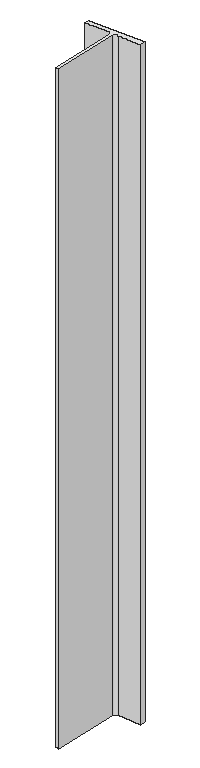
Revit family "M_WT Formas-Coluna", category Pilares estruturais, Revit 2019 (continued)
Types in the file's own list only (272): name | Largura | Espessura da teia | Concordância da teia | Constante da empena | Momento de inércia de torção | Chave do nome do corte | Área de corte | Eixo fraco do módulo plástico | Eixo forte do módulo plástico | Peso nominal | Eixo fraco do momento de inércia | Eixo forte do momento de inércia | Altura | Espessura do flange | Eixo fraco do módulo de elasticidade | Eixo forte do módulo de elasticidade | Centróide vertical | Centróide horizontal | Espaçamento do parafuso
  WT230X53 | 194.00 mm | 12.60 mm | 10.10 mm | 1060000000.0 mm6 | 724000.00 mm4 | WT9X35.5 | 6710.0 mm² | 202000.0 mm³ | 328000.0 mm³ | 53.00 kgf/m | 12500000.00 mm4 | 32500000.00 mm4 | 235.00 mm | 20.60 mm | 129000.0 mm³ | 184000.0 mm³ | 177.60 mm | 97.00 mm | 88.90 mm
  WT230X48.5 | 193.00 mm | 11.40 mm | 10.10 mm | 808000000.0 mm6 | 566000.00 mm4 | WT9X32.5 | 6160.0 mm² | 184000.0 mm³ | 295000.0 mm³ | 48.50 kgf/m | 11400000.00 mm4 | 29400000.00 mm4 | 233.00 mm | 19.10 mm | 118000.0 mm³ | 166000.0 mm³ | 177.10 mm | 96.50 mm | 88.90 mm
  WT230X44.5 | 192.00 mm | 10.50 mm | 10.20 mm | 631000000.0 mm6 | 450000.00 mm4 | WT9X30 | 5690.0 mm² | 169000.0 mm³ | 270000.0 mm³ | 44.50 kgf/m | 10400000.00 mm4 | 26900000.00 mm4 | 232.00 mm | 17.70 mm | 109000.0 mm³ | 152000.0 mm³ | 177.10 mm | 96.00 mm | 88.90 mm
  WT230X41 | 191.00 mm | 9.91 mm | 10.20 mm | 494000000.0 mm6 | 345000.00 mm4 | WT9X27.5 | 5230.0 mm² | 152000.0 mm³ | 251000.0 mm³ | 41.00 kgf/m | 9370000.00 mm4 | 24800000.00 mm4 | 230.00 mm | 16.00 mm | 97800.0 mm³ | 141000.0 mm³ | 175.10 mm | 95.50 mm | 88.90 mm
  WT230X37 | 191.00 mm | 9.02 mm | 10.20 mm | 365000000.0 mm6 | 258000.00 mm4 | WT9X25 | 4740.0 mm² | 136000.0 mm³ | 226000.0 mm³ | 37.00 kgf/m | 8320000.00 mm4 | 22300000.00 mm4 | 229.00 mm | 14.50 mm | 87700.0 mm³ | 128000.0 mm³ | 175.20 mm | 95.50 mm | 88.90 mm
  WT230X34 | 154.00 mm | 9.14 mm | 10.30 mm | 322000000.0 mm6 | 253000.00 mm4 | WT9X23 | 4370.0 mm² | 95700.0 mm³ | 228000.0 mm³ | 34.00 kgf/m | 4700000.00 mm4 | 21700000.00 mm4 | 229.00 mm | 15.40 mm | 60800.0 mm³ | 127000.0 mm³ | 169.80 mm | 77.00 mm | 88.90 mm
  WT230X30 | 153.00 mm | 8.00 mm | 10.20 mm | 212000000.0 mm6 | 168000.00 mm4 | WT9X20 | 3790.0 mm² | 81400.0 mm³ | 197000.0 mm³ | 30.00 kgf/m | 3980000.00 mm4 | 18600000.00 mm4 | 227.00 mm | 13.30 mm | 51900.0 mm³ | 110000.0 mm³ | 168.80 mm | 76.50 mm | 88.90 mm
  WT230X26 | 152.00 mm | 7.62 mm | 10.20 mm | 161000000.0 mm6 | 105000.00 mm4 | WT9X17.5 | 3320.0 mm² | 65900.0 mm³ | 184000.0 mm³ | 26.00 kgf/m | 3190000.00 mm4 | 16700000.00 mm4 | 225.00 mm | 10.80 mm | 42000.0 mm³ | 102000.0 mm³ | 164.30 mm | 76.00 mm | 88.90 mm
  WT205X74.5 | 264.00 mm | 14.90 mm | 10.30 mm | 2790000000.0 mm6 | 1600000.00 mm4 | WT8X50 | 9480.0 mm² | 449000.0 mm³ | 339000.0 mm³ | 74.50 kgf/m | 38800000.00 mm4 | 32000000.00 mm4 | 216.00 mm | 25.00 mm | 293000.0 mm³ | 187000.0 mm³ | 171.30 mm | 132.00 mm | 139.70 mm
  WT205X66 | 264.00 mm | 13.30 mm | 10.30 mm | 1930000000.0 mm6 | 1130000.00 mm4 | WT8X44.5 | 8450.0 mm² | 393000.0 mm³ | 297000.0 mm³ | 66.00 kgf/m | 33800000.00 mm4 | 28000000.00 mm4 | 213.00 mm | 22.20 mm | 257000.0 mm³ | 166000.0 mm³ | 169.80 mm | 132.00 mm | 139.70 mm
  WT205X57 | 262.00 mm | 11.60 mm | 10.20 mm | 1240000000.0 mm6 | 741000.00 mm4 | WT8X38.5 | 7290.0 mm² | 336000.0 mm³ | 251000.0 mm³ | 57.00 kgf/m | 28800000.00 mm4 | 23700000.00 mm4 | 210.00 mm | 19.30 mm | 220000.0 mm³ | 141000.0 mm³ | 168.60 mm | 131.00 mm | 139.70 mm
  WT205X50 | 259.00 mm | 10.00 mm | 10.30 mm | 808000000.0 mm6 | 495000.00 mm4 | WT8X33.5 | 6330.0 mm² | 290000.0 mm³ | 213000.0 mm³ | 50.00 kgf/m | 24800000.00 mm4 | 20200000.00 mm4 | 208.00 mm | 16.90 mm | 190000.0 mm³ | 121000.0 mm³ | 168.40 mm | 129.50 mm | 139.70 mm
  WT205X42.5 | 181.00 mm | 10.90 mm | 10.20 mm | 534000000.0 mm6 | 458000.00 mm4 | WT8X28.5 | 5410.0 mm² | 154000.0 mm³ | 226000.0 mm³ | 42.50 kgf/m | 8990000.00 mm4 | 20300000.00 mm4 | 209.00 mm | 18.20 mm | 99300.0 mm³ | 127000.0 mm³ | 159.70 mm | 90.50 mm | 88.90 mm
  WT205X37.5 | 180.00 mm | 9.65 mm | 10.20 mm | 360000000.0 mm6 | 316000.00 mm4 | WT8X25 | 4750.0 mm² | 134000.0 mm³ | 197000.0 mm³ | 37.50 kgf/m | 7740000.00 mm4 | 17600000.00 mm4 | 207.00 mm | 16.00 mm | 86200.0 mm³ | 111000.0 mm³ | 159.00 mm | 90.00 mm | 88.90 mm
  WT205X33.5 | 179.00 mm | 8.76 mm | 10.20 mm | 262000000.0 mm6 | 231000.00 mm4 | WT8X22.5 | 4280.0 mm² | 118000.0 mm³ | 177000.0 mm³ | 33.50 kgf/m | 6830000.00 mm4 | 15700000.00 mm4 | 205.00 mm | 14.40 mm | 76500.0 mm³ | 100000.0 mm³ | 157.80 mm | 89.50 mm | 88.90 mm
  WT205X30 | 178.00 mm | 7.75 mm | 10.20 mm | 181000000.0 mm6 | 165000.00 mm4 | WT8X20 | 3800.0 mm² | 104000.0 mm³ | 155000.0 mm³ | 30.00 kgf/m | 5990000.00 mm4 | 13800000.00 mm4 | 203.00 mm | 12.80 mm | 67500.0 mm³ | 87700.0 mm³ | 157.00 mm | 89.00 mm | 88.90 mm
  WT205X26.5 | 178.00 mm | 7.49 mm | 10.20 mm | 139000000.0 mm6 | 113000.00 mm4 | WT8X18 | 3410.0 mm² | 88800.0 mm³ | 146000.0 mm³ | 26.50 kgf/m | 5080000.00 mm4 | 12700000.00 mm4 | 201.00 mm | 10.90 mm | 57400.0 mm³ | 82800.0 mm³ | 153.20 mm | 89.00 mm | 88.90 mm
  WT205X23.05 | 140.00 mm | 6.99 mm | 10.20 mm | 98300000.0 mm6 | 95700.00 mm4 | WT8X15.5 | 2940.0 mm² | 57500.0 mm³ | 136000.0 mm³ | 23.10 kgf/m | 2580000.00 mm4 | 11400000.00 mm4 | 202.00 mm | 11.20 mm | 36700.0 mm³ | 76000.0 mm³ | 150.70 mm | 70.00 mm | 88.90 mm
  WT205X19.4 | 140.00 mm | 6.35 mm | 10.24 mm | 65300000.0 mm6 | 54100.00 mm4 | WT8X13 | 2480.0 mm² | 44700.0 mm³ | 121000.0 mm³ | 19.40 kgf/m | 1990000.00 mm4 | 9780000.00 mm4 | 199.00 mm | 8.76 mm | 28500.0 mm³ | 67000.0 mm³ | 145.90 mm | 70.00 mm | 88.90 mm
  WT180X543 | 455.00 mm | 78.00 mm | 15.00 mm | 1410000000000.0 mm6 | 297000000.00 mm4 | WT7X365 | 69000.0 mm² | 6690000.0 mm³ | 3460000.0 mm³ | 543.00 kgf/m | 982000000.00 mm4 | 308000000.00 mm4 | 284.00 mm | 125.00 mm | 4330000.0 mm³ | 1560000.0 mm³ | 195.90 mm | 227.50 mm | 190.50 mm
  WT180X495 | 450.00 mm | 71.90 mm | 15.00 mm | 1050000000000.0 mm6 | 231000000.00 mm4 | WT7X332.5 | 63100.0 mm² | 5980000.0 mm³ | 2980000.0 mm³ | 495.00 kgf/m | 866000000.00 mm4 | 259000000.00 mm4 | 274.00 mm | 115.00 mm | 3870000.0 mm³ | 1350000.0 mm³ | 191.40 mm | 225.00 mm | 190.50 mm
  WT180X450 | 442.00 mm | 66.00 mm | 15.00 mm | 787000000000.0 mm6 | 179000000.00 mm4 | WT7X302.5 | 57400.0 mm² | 5340000.0 mm³ | 2570000.0 mm³ | 450.00 kgf/m | 766000000.00 mm4 | 218000000.00 mm4 | 267.00 mm | 106.00 mm | 3460000.0 mm³ | 1160000.0 mm³ | 189.50 mm | 221.00 mm | 190.50 mm
  WT180X409 | 437.00 mm | 60.50 mm | 15.00 mm | 585000000000.0 mm6 | 138000000.00 mm4 | WT7X275 | 52200.0 mm² | 4790000.0 mm³ | 2230000.0 mm³ | 409.00 kgf/m | 678000000.00 mm4 | 184000000.00 mm4 | 257.00 mm | 97.00 mm | 3100000.0 mm³ | 998000.0 mm³ | 184.60 mm | 218.50 mm | 190.50 mm
  WT180X372 | 432.00 mm | 55.60 mm | 15.10 mm | 435000000000.0 mm6 | 106000000.00 mm4 | WT7X250 | 47400.0 mm² | 4280000.0 mm³ | 1920000.0 mm³ | 372.00 kgf/m | 599000000.00 mm4 | 156000000.00 mm4 | 249.00 mm | 88.90 mm | 2770000.0 mm³ | 864000.0 mm³ | 181.20 mm | 216.00 mm | 190.50 mm
  WT180X338.5 | 427.00 mm | 51.30 mm | 15.30 mm | 325000000000.0 mm6 | 81600000.00 mm4 | WT7X227.5 | 43200.0 mm² | 3830000.0 mm³ | 1670000.0 mm³ | 338.00 kgf/m | 533000000.00 mm4 | 134000000.00 mm4 | 242.00 mm | 81.50 mm | 2490000.0 mm³ | 752000.0 mm³ | 178.20 mm | 213.50 mm | 190.50 mm
  WT180X317 | 424.00 mm | 47.80 mm | 15.00 mm | 266000000000.0 mm6 | 68300000.00 mm4 | WT7X213 | 40500.0 mm² | 3560000.0 mm³ | 1500000.0 mm³ | 317.00 kgf/m | 491000000.00 mm4 | 119000000.00 mm4 | 237.00 mm | 77.20 mm | 2310000.0 mm³ | 678000.0 mm³ | 176.00 mm | 212.00 mm | 190.50 mm
  WT180X296 | 422.00 mm | 45.00 mm | 15.00 mm | 215000000000.0 mm6 | 56200000.00 mm4 | WT7X199 | 37700.0 mm² | 3290000.0 mm³ | 1360000.0 mm³ | 296.00 kgf/m | 454000000.00 mm4 | 107000000.00 mm4 | 232.00 mm | 72.40 mm | 2150000.0 mm³ | 616000.0 mm³ | 173.60 mm | 211.00 mm | 190.50 mm
  WT180X275.5 | 419.00 mm | 42.20 mm | 15.20 mm | 172000000000.0 mm6 | 45800000.00 mm4 | WT7X185 | 35100.0 mm² | 3030000.0 mm³ | 1220000.0 mm³ | 276.00 kgf/m | 414000000.00 mm4 | 95300000.00 mm4 | 228.00 mm | 67.60 mm | 1980000.0 mm³ | 556000.0 mm³ | 172.40 mm | 209.50 mm | 190.50 mm
  WT180X254.5 | 417.00 mm | 39.10 mm | 15.30 mm | 135000000000.0 mm6 | 36800000.00 mm4 | WT7X171 | 32500.0 mm² | 2770000.0 mm³ | 1080000.0 mm³ | 546.00 kgf/m | 376000000.00 mm4 | 84500000.00 mm4 | 223.00 mm | 62.70 mm | 1800000.0 mm³ | 498000.0 mm³ | 169.90 mm | 208.50 mm | 190.50 mm
  WT180X231.5 | 411.00 mm | 35.80 mm | 15.20 mm | 101000000000.0 mm6 | 28100000.00 mm4 | WT7X155.5 | 29500.0 mm² | 2490000.0 mm³ | 946000.0 mm³ | 232.00 kgf/m | 336000000.00 mm4 | 73300000.00 mm4 | 217.00 mm | 57.40 mm | 1630000.0 mm³ | 438000.0 mm³ | 167.00 mm | 205.50 mm | 190.50 mm
  WT180X210.5 | 409.00 mm | 32.80 mm | 15.20 mm | 75500000000.0 mm6 | 21600000.00 mm4 | WT7X141.5 | 26800.0 mm² | 2250000.0 mm³ | 826000.0 mm³ | 210.00 kgf/m | 301000000.00 mm4 | 63700000.00 mm4 | 213.00 mm | 52.60 mm | 1470000.0 mm³ | 385000.0 mm³ | 165.80 mm | 204.50 mm | 190.50 mm
  WT180X191 | 406.00 mm | 30.00 mm | 15.20 mm | 56100000000.0 mm6 | 16400000.00 mm4 | WT7X128.5 | 24400.0 mm² | 2020000.0 mm³ | 719000.0 mm³ | 191.00 kgf/m | 268000000.00 mm4 | 55400000.00 mm4 | 208.00 mm | 48.00 mm | 1320000.0 mm³ | 339000.0 mm³ | 163.50 mm | 203.00 mm | 190.50 mm
  WT180X173.5 | 404.00 mm | 27.20 mm | 15.20 mm | 41400000000.0 mm6 | 12300000.00 mm4 | WT7X116.5 | 22100.0 mm² | 1800000.0 mm³ | 626000.0 mm³ | 174.00 kgf/m | 240000000.00 mm4 | 48300000.00 mm4 | 204.00 mm | 43.70 mm | 1190000.0 mm³ | 298000.0 mm³ | 162.10 mm | 202.00 mm | 190.50 mm
  WT180X157 | 401.00 mm | 24.90 mm | 15.30 mm | 30300000000.0 mm6 | 9240000.00 mm4 | WT7X105.5 | 20000.0 mm² | 1620000.0 mm³ | 547000.0 mm³ | 157.00 kgf/m | 214000000.00 mm4 | 42500000.00 mm4 | 200.00 mm | 39.60 mm | 1070000.0 mm³ | 265000.0 mm³ | 160.10 mm | 200.50 mm | 190.50 mm
  WT180X143.5 | 399.00 mm | 22.60 mm | 15.20 mm | 23400000000.0 mm6 | 7200000.00 mm4 | WT7X96.5 | 18300.0 mm² | 1480000.0 mm³ | 482000.0 mm³ | 144.00 kgf/m | 194000000.00 mm4 | 37400000.00 mm4 | 197.00 mm | 36.60 mm | 972000.0 mm³ | 236000.0 mm³ | 159.20 mm | 199.50 mm | 190.50 mm
  WT180X131 | 399.00 mm | 21.10 mm | 15.20 mm | 17500000000.0 mm6 | 5490000.00 mm4 | WT7X88 | 16700.0 mm² | 1330000.0 mm³ | 431000.0 mm³ | 131.00 kgf/m | 174000000.00 mm4 | 33500000.00 mm4 | 193.00 mm | 33.30 mm | 877000.0 mm³ | 213000.0 mm³ | 156.70 mm | 199.50 mm | 190.50 mm
  WT180X118.5 | 396.00 mm | 18.90 mm | 15.30 mm | 12900000000.0 mm6 | 4100000.00 mm4 | WT7X79.5 | 15100.0 mm² | 1200000.0 mm³ | 374000.0 mm³ | 118.00 kgf/m | 156000000.00 mm4 | 29200000.00 mm4 | 190.00 mm | 30.20 mm | 788000.0 mm³ | 187000.0 mm³ | 155.70 mm | 198.00 mm | 190.50 mm
  WT180X108 | 394.00 mm | 17.30 mm | 15.20 mm | 9750000000.0 mm6 | 3150000.00 mm4 | WT7X72.5 | 13700.0 mm² | 1080000.0 mm³ | 331000.0 mm³ | 108.00 kgf/m | 141000000.00 mm4 | 26000000.00 mm4 | 188.00 mm | 27.70 mm | 716000.0 mm³ | 167000.0 mm³ | 155.20 mm | 197.00 mm | 190.50 mm
  WT180X98 | 373.00 mm | 16.40 mm | 15.20 mm | 7140000000.0 mm6 | 2550000.00 mm4 | WT7X66 | 12500.0 mm² | 926000.0 mm³ | 305000.0 mm³ | 98.00 kgf/m | 114000000.00 mm4 | 24100000.00 mm4 | 186.00 mm | 26.20 mm | 610000.0 mm³ | 157000.0 mm³ | 153.20 mm | 186.50 mm | 139.70 mm
  WT180X89.5 | 373.00 mm | 15.00 mm | 15.20 mm | 5370000000.0 mm6 | 1940000.00 mm4 | WT7X60 | 11400.0 mm² | 839000.0 mm³ | 270000.0 mm³ | 89.50 kgf/m | 103000000.00 mm4 | 21500000.00 mm4 | 184.00 mm | 23.90 mm | 552000.0 mm³ | 141000.0 mm³ | 152.50 mm | 186.50 mm | 139.70 mm
  WT180X81 | 371.00 mm | 13.30 mm | 15.30 mm | 4030000000.0 mm6 | 1480000.00 mm4 | WT7X54.5 | 10300.0 mm² | 759000.0 mm³ | 236000.0 mm³ | 81.00 kgf/m | 92800000.00 mm4 | 18900000.00 mm4 | 182.00 mm | 21.80 mm | 501000.0 mm³ | 124000.0 mm³ | 152.30 mm | 185.50 mm | 139.70 mm
  WT180X73.5 | 371.00 mm | 12.30 mm | 15.30 mm | 2980000000.0 mm6 | 1120000.00 mm4 | WT7X49.5 | 9420.0 mm² | 685000.0 mm³ | 211000.0 mm³ | 73.50 kgf/m | 83700000.00 mm4 | 17000000.00 mm4 | 180.00 mm | 19.80 mm | 452000.0 mm³ | 113000.0 mm³ | 151.00 mm | 185.50 mm | 139.70 mm
  WT180X67 | 368.00 mm | 11.20 mm | 15.30 mm | 2230000000.0 mm6 | 845000.00 mm4 | WT7X45 | 8520.0 mm² | 619000.0 mm³ | 188000.0 mm³ | 67.00 kgf/m | 75300000.00 mm4 | 15200000.00 mm4 | 178.00 mm | 18.00 mm | 410000.0 mm³ | 101000.0 mm³ | 150.30 mm | 184.00 mm | 139.70 mm
  WT180X61 | 257.00 mm | 13.00 mm | 15.10 mm | 1510000000.0 mm6 | 1050000.00 mm4 | WT7X41 | 7740.0 mm² | 367000.0 mm³ | 216000.0 mm³ | 61.00 kgf/m | 30800000.00 mm4 | 17100000.00 mm4 | 182.00 mm | 21.70 mm | 239000.0 mm³ | 117000.0 mm³ | 146.70 mm | 128.50 mm | 139.70 mm
  WT180X55 | 257.00 mm | 11.40 mm | 15.20 mm | 1130000000.0 mm6 | 803000.00 mm4 | WT7X37 | 7030.0 mm² | 331000.0 mm³ | 188000.0 mm³ | 55.00 kgf/m | 27800000.00 mm4 | 15000000.00 mm4 | 180.00 mm | 19.90 mm | 218000.0 mm³ | 102000.0 mm³ | 146.50 mm | 128.50 mm | 139.70 mm
  WT180X50.5 | 254.00 mm | 10.50 mm | 15.00 mm | 862000000.0 mm6 | 624000.00 mm4 | WT7X34 | 6450.0 mm² | 302000.0 mm³ | 170000.0 mm³ | 50.50 kgf/m | 25300000.00 mm4 | 13600000.00 mm4 | 178.00 mm | 18.30 mm | 198000.0 mm³ | 93200.0 mm³ | 145.20 mm | 127.00 mm | 139.70 mm
  WT180X45.5 | 254.00 mm | 9.53 mm | 15.10 mm | 615000000.0 mm6 | 454000.00 mm4 | WT7X30.5 | 5780.0 mm² | 269000.0 mm³ | 150000.0 mm³ | 45.50 kgf/m | 22400000.00 mm4 | 12000000.00 mm4 | 177.00 mm | 16.40 mm | 175000.0 mm³ | 83100.0 mm³ | 145.20 mm | 127.00 mm | 139.70 mm
  WT180X39.5 | 205.00 mm | 9.40 mm | 15.00 mm | 392000000.0 mm6 | 402000.00 mm4 | WT7X26.5 | 5030.0 mm² | 180000.0 mm³ | 145000.0 mm³ | 39.50 kgf/m | 12000000.00 mm4 | 11500000.00 mm4 | 177.00 mm | 16.80 mm | 117000.0 mm³ | 81000.0 mm³ | 141.90 mm | 102.50 mm | 139.70 mm
  WT180X36 | 204.00 mm | 8.64 mm | 15.10 mm | 287000000.0 mm6 | 301000.00 mm4 | WT7X24 | 4560.0 mm² | 161000.0 mm³ | 131000.0 mm³ | 36.00 kgf/m | 10700000.00 mm4 | 10400000.00 mm4 | 175.00 mm | 15.10 mm | 105000.0 mm³ | 73600.0 mm³ | 140.70 mm | 102.00 mm | 139.70 mm
  WT180X32 | 203.00 mm | 7.75 mm | 14.90 mm | 202000000.0 mm6 | 217000.00 mm4 | WT7X21.5 | 4070.0 mm² | 142000.0 mm³ | 116000.0 mm³ | 32.00 kgf/m | 9410000.00 mm4 | 9120000.00 mm4 | 173.00 mm | 13.50 mm | 92600.0 mm³ | 65200.0 mm³ | 139.70 mm | 101.50 mm | 139.70 mm
  WT180X28.9 | 172.00 mm | 7.87 mm | 10.10 mm | 149000000.0 mm6 | 166000.00 mm4 | WT7X19 | 3600.0 mm² | 99500.0 mm³ | 122000.0 mm³ | 28.90 kgf/m | 5540000.00 mm4 | 9700000.00 mm4 | 179.00 mm | 13.10 mm | 64600.0 mm³ | 69200.0 mm³ | 139.90 mm | 86.00 mm | 88.90 mm
  WT180X25.5 | 171.00 mm | 7.24 mm | 10.10 mm | 107000000.0 mm6 | 118000.00 mm4 | WT7X17 | 3230.0 mm² | 87200.0 mm³ | 110000.0 mm³ | 25.50 kgf/m | 4830000.00 mm4 | 8700000.00 mm4 | 178.00 mm | 11.60 mm | 56500.0 mm³ | 62800.0 mm³ | 139.10 mm | 85.50 mm | 88.90 mm
  WT180X22 | 171.00 mm | 6.86 mm | 10.12 mm | 77100000.0 mm6 | 79100.00 mm4 | WT7X15 | 2850.0 mm² | 73600.0 mm³ | 102000.0 mm³ | 22.00 kgf/m | 4070000.00 mm4 | 7910000.00 mm4 | 176.00 mm | 9.78 mm | 47700.0 mm³ | 58200.0 mm³ | 135.90 mm | 85.50 mm | 88.90 mm
  WT180X19.5 | 128.00 mm | 6.48 mm | 10.10 mm | 55600000.0 mm6 | 74500.00 mm4 | WT7X13 | 2480.0 mm² | 45200.0 mm³ | 96500.0 mm³ | 19.50 kgf/m | 1850000.00 mm4 | 7200000.00 mm4 | 177.00 mm | 10.70 mm | 29000.0 mm³ | 54200.0 mm³ | 133.30 mm | 64.00 mm | 69.85 mm
  WT180X16.45 | 127.00 mm | 5.84 mm | 10.19 mm | 36000000.0 mm6 | 43300.00 mm4 | WT7X11 | 2100.0 mm² | 35900.0 mm³ | 85200.0 mm³ | 16.50 kgf/m | 1460000.00 mm4 | 6160000.00 mm4 | 174.00 mm | 8.51 mm | 22900.0 mm³ | 47700.0 mm³ | 129.30 mm | 63.50 mm | 69.85 mm
  WT155X250 | 340.00 mm | 45.20 mm | 15.00 mm | 129000000000.0 mm6 | 49900000.00 mm4 | WT6X168 | 31900.0 mm² | 2250000.0 mm³ | 1120000.0 mm³ | 250.00 kgf/m | 247000000.00 mm4 | 79100000.00 mm4 | 214.00 mm | 75.20 mm | 1450000.0 mm³ | 511000.0 mm³ | 155.30 mm | 170.00 mm | 139.70 mm
  WT155X227 | 335.00 mm | 41.40 mm | 15.00 mm | 95600000000.0 mm6 | 38300000.00 mm4 | WT6X152.5 | 28800.0 mm² | 2000000.0 mm³ | 968000.0 mm³ | 227.00 kgf/m | 219000000.00 mm4 | 67400000.00 mm4 | 207.00 mm | 68.80 mm | 1300000.0 mm³ | 442000.0 mm³ | 152.10 mm | 167.50 mm | 139.70 mm
  WT155X207.5 | 333.00 mm | 38.90 mm | 15.30 mm | 71700000000.0 mm6 | 29500000.00 mm4 | WT6X139.5 | 26500.0 mm² | 1800000.0 mm³ | 850000.0 mm³ | 208.00 kgf/m | 195000000.00 mm4 | 58700000.00 mm4 | 201.00 mm | 62.70 mm | 1170000.0 mm³ | 395000.0 mm³ | 148.90 mm | 166.50 mm | 139.70 mm
  WT155X187.5 | 330.00 mm | 35.60 mm | 15.20 mm | 52400000000.0 mm6 | 22300000.00 mm4 | WT6X126 | 23900.0 mm² | 1600000.0 mm³ | 734000.0 mm³ | 188.00 kgf/m | 172000000.00 mm4 | 50400000.00 mm4 | 196.00 mm | 57.20 mm | 1040000.0 mm³ | 342000.0 mm³ | 147.20 mm | 165.00 mm | 139.70 mm
  WT155X171 | 328.00 mm | 32.80 mm | 15.20 mm | 39700000000.0 mm6 | 17300000.00 mm4 | WT6X115 | 21800.0 mm² | 1450000.0 mm³ | 646000.0 mm³ | 171.00 kgf/m | 154000000.00 mm4 | 44100000.00 mm4 | 191.00 mm | 52.60 mm | 942000.0 mm³ | 303000.0 mm³ | 144.80 mm | 164.00 mm | 139.70 mm
  WT155X156.5 | 325.00 mm | 30.00 mm | 15.20 mm | 30100000000.0 mm6 | 13400000.00 mm4 | WT6X105 | 19900.0 mm² | 1310000.0 mm³ | 565000.0 mm³ | 156.00 kgf/m | 138000000.00 mm4 | 38300000.00 mm4 | 187.00 mm | 48.30 mm | 850000.0 mm³ | 269000.0 mm³ | 143.30 mm | 162.50 mm | 139.70 mm
  WT155X141.5 | 323.00 mm | 26.90 mm | 15.00 mm | 22000000000.0 mm6 | 10100000.00 mm4 | WT6X95 | 18100.0 mm² | 1170000.0 mm³ | 488000.0 mm³ | 142.00 kgf/m | 123000000.00 mm4 | 32900000.00 mm4 | 183.00 mm | 44.20 mm | 762000.0 mm³ | 233000.0 mm³ | 141.90 mm | 161.50 mm | 139.70 mm
  WT155X126.5 | 320.00 mm | 24.40 mm | 15.30 mm | 15700000000.0 mm6 | 7370000.00 mm4 | WT6X85 | 16100.0 mm² | 1030000.0 mm³ | 420000.0 mm³ | 126.00 kgf/m | 108000000.00 mm4 | 28200000.00 mm4 | 178.00 mm | 39.60 mm | 675000.0 mm³ | 202000.0 mm³ | 139.40 mm | 160.00 mm | 139.70 mm
  WT155X113 | 318.00 mm | 22.10 mm | 15.20 mm | 11100000000.0 mm6 | 5330000.00 mm4 | WT6X76 | 14500.0 mm² | 911000.0 mm³ | 361000.0 mm³ | 113.00 kgf/m | 94500000.00 mm4 | 24300000.00 mm4 | 174.00 mm | 35.60 mm | 596000.0 mm³ | 177000.0 mm³ | 137.70 mm | 159.00 mm | 139.70 mm
  WT155X101 | 315.00 mm | 20.10 mm | 15.20 mm | 7760000000.0 mm6 | 3830000.00 mm4 | WT6X68 | 12900.0 mm² | 801000.0 mm³ | 311000.0 mm³ | 101.00 kgf/m | 82800000.00 mm4 | 21100000.00 mm4 | 170.00 mm | 31.80 mm | 526000.0 mm³ | 155000.0 mm³ | 135.70 mm | 157.50 mm | 139.70 mm
  WT155X89.5 | 312.00 mm | 18.00 mm | 15.00 mm | 5290000000.0 mm6 | 2670000.00 mm4 | WT6X60 | 11400.0 mm² | 700000.0 mm³ | 265000.0 mm³ | 89.50 kgf/m | 71600000.00 mm4 | 18100000.00 mm4 | 167.00 mm | 28.20 mm | 459000.0 mm³ | 135000.0 mm³ | 134.50 mm | 156.00 mm | 139.70 mm
  WT155X79 | 310.00 mm | 15.50 mm | 15.30 mm | 3650000000.0 mm6 | 1890000.00 mm4 | WT6X53 | 10100.0 mm² | 615000.0 mm³ | 223000.0 mm³ | 79.00 kgf/m | 62900000.00 mm4 | 15100000.00 mm4 | 164.00 mm | 25.10 mm | 405000.0 mm³ | 113000.0 mm³ | 133.80 mm | 155.00 mm | 139.70 mm
  WT155X71.5 | 310.00 mm | 14.00 mm | 15.20 mm | 2710000000.0 mm6 | 1420000.00 mm4 | WT6X48 | 9100.0 mm² | 552000.0 mm³ | 195000.0 mm³ | 71.50 kgf/m | 56200000.00 mm4 | 13300000.00 mm4 | 162.00 mm | 22.90 mm | 364000.0 mm³ | 100000.0 mm³ | 133.30 mm | 155.00 mm | 139.70 mm
  WT155X64.5 | 307.00 mm | 13.10 mm | 15.20 mm | 1970000000.0 mm6 | 1060000.00 mm4 | WT6X43.5 | 8260.0 mm² | 495000.0 mm³ | 175000.0 mm³ | 64.50 kgf/m | 49900000.00 mm4 | 12000000.00 mm4 | 159.00 mm | 20.60 mm | 326000.0 mm³ | 91800.0 mm³ | 131.10 mm | 153.50 mm | 139.70 mm
  WT155X58.5 | 307.00 mm | 11.90 mm | 15.10 mm | 1460000000.0 mm6 | 795000.00 mm4 | WT6X39.5 | 7480.0 mm² | 444000.0 mm³ | 156000.0 mm³ | 58.50 kgf/m | 45000000.00 mm4 | 10700000.00 mm4 | 157.00 mm | 18.70 mm | 293000.0 mm³ | 82400.0 mm³ | 130.10 mm | 153.50 mm | 139.70 mm
  WT155X53.5 | 305.00 mm | 10.90 mm | 15.30 mm | 1090000000.0 mm6 | 608000.00 mm4 | WT6X36 | 6840.0 mm² | 403000.0 mm³ | 139000.0 mm³ | 53.50 kgf/m | 40600000.00 mm4 | 9660000.00 mm4 | 156.00 mm | 17.00 mm | 265000.0 mm³ | 74400.0 mm³ | 130.10 mm | 152.50 mm | 139.70 mm
  WT155X48.5 | 305.00 mm | 9.91 mm | 15.10 mm | 798000000.0 mm6 | 454000.00 mm4 | WT6X32.5 | 6150.0 mm² | 361000.0 mm³ | 123000.0 mm³ | 48.50 kgf/m | 36300000.00 mm4 | 8570000.00 mm4 | 154.00 mm | 15.40 mm | 238000.0 mm³ | 66500.0 mm³ | 129.00 mm | 152.50 mm | 139.70 mm
  WT155X43 | 254.00 mm | 9.14 mm | 15.20 mm | 559000000.0 mm6 | 437000.00 mm4 | WT6X29 | 5500.0 mm² | 265000.0 mm³ | 114000.0 mm³ | 43.00 kgf/m | 22300000.00 mm4 | 7950000.00 mm4 | 155.00 mm | 16.30 mm | 175000.0 mm³ | 61600.0 mm³ | 128.80 mm | 127.00 mm | 139.70 mm
  WT155X39.5 | 254.00 mm | 8.76 mm | 15.40 mm | 411000000.0 mm6 | 328000.00 mm4 | WT6X26.5 | 5020.0 mm² | 238000.0 mm³ | 106000.0 mm³ | 39.50 kgf/m | 19900000.00 mm4 | 7370000.00 mm4 | 153.00 mm | 14.60 mm | 157000.0 mm³ | 58000.0 mm³ | 127.10 mm | 127.00 mm | 139.70 mm
  WT155X37 | 205.00 mm | 9.40 mm | 12.70 mm | 330000000.0 mm6 | 356000.00 mm4 | WT6X25 | 4710.0 mm² | 174000.0 mm³ | 113000.0 mm³ | 37.00 kgf/m | 11700000.00 mm4 | 7780000.00 mm4 | 155.00 mm | 16.30 mm | 114000.0 mm³ | 62100.0 mm³ | 125.30 mm | 102.50 mm | 139.70 mm
  WT155X33.5 | 204.00 mm | 8.51 mm | 12.80 mm | 238000000.0 mm6 | 261000.00 mm4 | WT6X22.5 | 4230.0 mm² | 155000.0 mm³ | 100000.0 mm³ | 33.50 kgf/m | 10400000.00 mm4 | 6910000.00 mm4 | 153.00 mm | 14.60 mm | 102000.0 mm³ | 55600.0 mm³ | 124.30 mm | 102.00 mm | 139.70 mm
  WT155X30 | 203.00 mm | 7.49 mm | 12.80 mm | 166000000.0 mm6 | 188000.00 mm4 | WT6X20 | 3770.0 mm² | 137000.0 mm³ | 86500.0 mm³ | 30.00 kgf/m | 9160000.00 mm4 | 5990000.00 mm4 | 152.00 mm | 13.10 mm | 90100.0 mm³ | 48300.0 mm³ | 124.30 mm | 101.50 mm | 139.70 mm
  WT155X26 | 167.00 mm | 7.62 mm | 7.60 mm | 117000000.0 mm6 | 154000.00 mm4 | WT6X17.5 | 3340.0 mm² | 93900.0 mm³ | 93600.0 mm³ | 26.00 kgf/m | 5080000.00 mm4 | 6660000.00 mm4 | 159.00 mm | 13.20 mm | 61100.0 mm³ | 52900.0 mm³ | 126.00 mm | 83.50 mm | 88.90 mm
  WT155X22.25 | 166.00 mm | 6.60 mm | 7.60 mm | 71700000.0 mm6 | 94900.00 mm4 | WT6X15 | 2840.0 mm² | 78300.0 mm³ | 79100.0 mm³ | 22.30 kgf/m | 4250000.00 mm4 | 5620000.00 mm4 | 157.00 mm | 11.20 mm | 51100.0 mm³ | 45100.0 mm³ | 124.70 mm | 83.00 mm | 88.90 mm
  WT155X19.35 | 165.00 mm | 5.84 mm | 7.65 mm | 46700000.0 mm6 | 62400.00 mm4 | WT6X13 | 2460.0 mm² | 66900.0 mm³ | 68800.0 mm³ | 19.40 kgf/m | 3600000.00 mm4 | 4870000.00 mm4 | 155.00 mm | 9.65 mm | 43800.0 mm³ | 39300.0 mm³ | 123.20 mm | 82.50 mm | 88.90 mm
  WT155X16.35 | 102.00 mm | 6.60 mm | 7.60 mm | 36800000.0 mm6 | 60800.00 mm4 | WT6X11 | 2090.0 mm² | 30000.0 mm³ | 75900.0 mm³ | 16.40 kgf/m | 970000.00 mm4 | 4870000.00 mm4 | 156.00 mm | 10.80 mm | 18800.0 mm³ | 42400.0 mm³ | 114.60 mm | 51.00 mm | 57.15 mm
  WT155X14.15 | 102.00 mm | 5.97 mm | 7.61 mm | 25100000.0 mm6 | 37400.00 mm4 | WT6X9.5 | 1800.0 mm² | 24400.0 mm³ | 67400.0 mm³ | 14.20 kgf/m | 783000.00 mm4 | 4200000.00 mm4 | 154.00 mm | 8.89 mm | 15400.0 mm³ | 37400.0 mm³ | 112.10 mm | 51.00 mm | 57.15 mm
  WT155X11.9 | 101.00 mm | 5.59 mm | 7.67 mm | 18200000.0 mm6 | 21300.00 mm4 | WT6X8 | 1520.0 mm² | 18500.0 mm³ | 61000.0 mm³ | 11.90 kgf/m | 587000.00 mm4 | 3620000.00 mm4 | 152.00 mm | 6.73 mm | 11600.0 mm³ | 33400.0 mm³ | 107.80 mm | 50.50 mm | 57.15 mm
  WT155X10.5 | 101.00 mm | 5.08 mm | 7.58 mm | 13200000.0 mm6 | 14600.00 mm4 | WT6X7 | 1340.0 mm² | 15500.0 mm³ | 54400.0 mm³ | 10.50 kgf/m | 491000.00 mm4 | 3190000.00 mm4 | 151.00 mm | 5.72 mm | 9720.0 mm³ | 30000.0 mm³ | 106.30 mm | 50.50 mm | 57.15 mm
  WT125X83.5 | 264.00 mm | 19.20 mm | 12.70 mm | 4540000000.0 mm6 | 3120000.00 mm4 | WT5X56 | 10600.0 mm² | 567000.0 mm³ | 220000.0 mm³ | 83.50 kgf/m | 49100000.00 mm4 | 11900000.00 mm4 | 144.00 mm | 31.80 mm | 370000.0 mm³ | 105000.0 mm³ | 113.30 mm | 132.00 mm | 139.70 mm
  WT125X74.5 | 262.00 mm | 17.30 mm | 12.70 mm | 3200000000.0 mm6 | 2250000.00 mm4 | WT5X50 | 9480.0 mm² | 500000.0 mm³ | 187000.0 mm³ | 74.50 kgf/m | 42900000.00 mm4 | 10200000.00 mm4 | 141.00 mm | 28.40 mm | 328000.0 mm³ | 91100.0 mm³ | 112.30 mm | 131.00 mm | 139.70 mm
  WT125X65.5 | 262.00 mm | 15.40 mm | 12.70 mm | 2150000000.0 mm6 | 1560000.00 mm4 | WT5X44 | 8390.0 mm² | 434000.0 mm³ | 158000.0 mm³ | 65.50 kgf/m | 37200000.00 mm4 | 8660000.00 mm4 | 138.00 mm | 25.10 mm | 285000.0 mm³ | 78200.0 mm³ | 111.10 mm | 131.00 mm | 139.70 mm
  WT125X57.5 | 259.00 mm | 13.50 mm | 12.70 mm | 1430000000.0 mm6 | 1060000.00 mm4 | WT5X38.5 | 7290.0 mm² | 375000.0 mm³ | 132000.0 mm³ | 57.50 kgf/m | 32000000.00 mm4 | 7240000.00 mm4 | 135.00 mm | 22.10 mm | 247000.0 mm³ | 66400.0 mm³ | 109.90 mm | 129.50 mm | 139.70 mm
  WT125X50.5 | 257.00 mm | 11.90 mm | 12.70 mm | 972000000.0 mm6 | 741000.00 mm4 | WT5X34 | 6450.0 mm² | 328000.0 mm³ | 112000.0 mm³ | 50.50 kgf/m | 27800000.00 mm4 | 6200000.00 mm4 | 132.00 mm | 19.60 mm | 216000.0 mm³ | 57200.0 mm³ | 108.30 mm | 128.50 mm | 139.70 mm
  WT125X44.5 | 257.00 mm | 10.70 mm | 12.70 mm | 661000000.0 mm6 | 512000.00 mm4 | WT5X30 | 5700.0 mm² | 287000.0 mm³ | 96200.0 mm³ | 44.50 kgf/m | 24200000.00 mm4 | 5370000.00 mm4 | 130.00 mm | 17.30 mm | 188000.0 mm³ | 49800.0 mm³ | 107.50 mm | 128.50 mm | 139.70 mm
  WT125X40 | 254.00 mm | 9.40 mm | 12.80 mm | 478000000.0 mm6 | 378000.00 mm4 | WT5X27 | 5100.0 mm² | 256000.0 mm³ | 82800.0 mm³ | 40.00 kgf/m | 21500000.00 mm4 | 4620000.00 mm4 | 128.00 mm | 15.60 mm | 169000.0 mm³ | 43300.0 mm³ | 106.80 mm | 127.00 mm | 139.70 mm
  WT125X36.5 | 254.00 mm | 8.64 mm | 12.70 mm | 357000000.0 mm6 | 288000.00 mm4 | WT5X24.5 | 4650.0 mm² | 231000.0 mm³ | 74100.0 mm³ | 36.50 kgf/m | 19400000.00 mm4 | 4160000.00 mm4 | 127.00 mm | 14.20 mm | 153000.0 mm³ | 39200.0 mm³ | 106.50 mm | 127.00 mm | 139.70 mm
  WT125X33.5 | 204.00 mm | 8.89 mm | 12.70 mm | 263000000.0 mm6 | 313000.00 mm4 | WT5X22.5 | 4280.0 mm² | 166000.0 mm³ | 76200.0 mm³ | 33.50 kgf/m | 11100000.00 mm4 | 4250000.00 mm4 | 128.00 mm | 15.70 mm | 109000.0 mm³ | 40500.0 mm³ | 105.00 mm | 102.00 mm | 139.70 mm
  WT125X29 | 203.00 mm | 8.00 mm | 12.70 mm | 165000000.0 mm6 | 203000.00 mm4 | WT5X19.5 | 3700.0 mm² | 140000.0 mm³ | 65400.0 mm³ | 29.00 kgf/m | 9370000.00 mm4 | 3680000.00 mm4 | 126.00 mm | 13.50 mm | 92400.0 mm³ | 35400.0 mm³ | 103.70 mm | 101.50 mm | 139.70 mm
  WT125X24.55 | 202.00 mm | 7.37 mm | 12.70 mm | 95600000.0 mm6 | 121000.00 mm4 | WT5X16.5 | 3130.0 mm² | 115000.0 mm³ | 57000.0 mm³ | 24.60 kgf/m | 7620000.00 mm4 | 3210000.00 mm4 | 124.00 mm | 11.00 mm | 75400.0 mm³ | 31600.0 mm³ | 101.90 mm | 101.00 mm | 139.70 mm
  WT125X22.4 | 148.00 mm | 7.62 mm | 7.60 mm | 73300000.0 mm6 | 129000.00 mm4 | WT5X15 | 2850.0 mm² | 72300.0 mm³ | 65700.0 mm³ | 22.40 kgf/m | 3480000.00 mm4 | 3860000.00 mm4 | 133.00 mm | 13.00 mm | 47000.0 mm³ | 36700.0 mm³ | 105.10 mm | 74.00 mm | 69.85 mm
  WT125X19.25 | 147.00 mm | 6.60 mm | 7.60 mm | 46500000.0 mm6 | 83700.00 mm4 | WT5X13 | 2460.0 mm² | 61500.0 mm³ | 55600.0 mm³ | 19.30 kgf/m | 2930000.00 mm4 | 3270000.00 mm4 | 131.00 mm | 11.20 mm | 40000.0 mm³ | 31300.0 mm³ | 104.10 mm | 73.50 mm | 69.85 mm
  WT125X16.35 | 146.00 mm | 6.10 mm | 7.66 mm | 28700000.0 mm6 | 49500.00 mm4 | WT5X11 | 2090.0 mm² | 50000.0 mm³ | 49500.0 mm³ | 16.40 kgf/m | 2380000.00 mm4 | 2860000.00 mm4 | 129.00 mm | 9.14 mm | 32600.0 mm³ | 28200.0 mm³ | 101.80 mm | 73.00 mm | 69.85 mm
  WT125X14.2 | 102.00 mm | 6.35 mm | 7.70 mm | 21400000.0 mm6 | 48300.00 mm4 | WT5X9.5 | 1810.0 mm² | 27400.0 mm³ | 50800.0 mm³ | 14.20 kgf/m | 895000.00 mm4 | 2780000.00 mm4 | 130.00 mm | 10.00 mm | 17500.0 mm³ | 28500.0 mm³ | 97.50 mm | 51.00 mm | 57.15 mm
  WT125X12.65 | 102.00 mm | 6.10 mm | 7.62 mm | 16400000.0 mm6 | 32300.00 mm4 | WT5X8.5 | 1610.0 mm² | 22900.0 mm³ | 47500.0 mm³ | 12.70 kgf/m | 741000.00 mm4 | 2520000.00 mm4 | 129.00 mm | 8.38 mm | 14500.0 mm³ | 26500.0 mm³ | 95.50 mm | 51.00 mm | 57.15 mm
  WT125X11.15 | 102.00 mm | 5.84 mm | 7.64 mm | 12800000.0 mm6 | 21600.00 mm4 | WT5X7.5 | 1430.0 mm² | 18800.0 mm³ | 44400.0 mm³ | 11.20 kgf/m | 604000.00 mm4 | 2270000.00 mm4 | 127.00 mm | 6.86 mm | 11800.0 mm³ | 24600.0 mm³ | 92.20 mm | 51.00 mm | 57.15 mm
  WT125X8.95 | 101.00 mm | 4.83 mm | 7.67 mm | 6850000.0 mm6 | 11300.00 mm4 | WT5X6 | 1140.0 mm² | 14200.0 mm³ | 36100.0 mm³ | 8.95 kgf/m | 454000.00 mm4 | 1810000.00 mm4 | 125.00 mm | 5.33 mm | 9030.0 mm³ | 20000.0 mm³ | 90.50 mm | 50.50 mm | 57.15 mm
  WT100X50 | 210.00 mm | 14.50 mm | 10.10 mm | 956000000.0 mm6 | 1040000.00 mm4 | WT4X33.5 | 6350.0 mm² | 267000.0 mm³ | 103000.0 mm³ | 50.00 kgf/m | 18400000.00 mm4 | 4540000.00 mm4 | 114.00 mm | 23.70 mm | 175000.0 mm³ | 50000.0 mm³ | 90.20 mm | 105.00 mm | 139.70 mm
  WT100X43 | 209.00 mm | 13.00 mm | 9.90 mm | 612000000.0 mm6 | 691000.00 mm4 | WT4X29 | 5510.0 mm² | 228000.0 mm³ | 86000.0 mm³ | 43.00 kgf/m | 15600000.00 mm4 | 3800000.00 mm4 | 111.00 mm | 20.60 mm | 150000.0 mm³ | 42800.0 mm³ | 88.80 mm | 104.50 mm | 139.70 mm
  WT100X35.5 | 206.00 mm | 10.20 mm | 10.00 mm | 349000000.0 mm6 | 407000.00 mm4 | WT4X24 | 4550.0 mm² | 187000.0 mm³ | 64600.0 mm³ | 35.50 kgf/m | 12700000.00 mm4 | 2850000.00 mm4 | 108.00 mm | 17.40 mm | 123000.0 mm³ | 32300.0 mm³ | 88.30 mm | 103.00 mm | 139.70 mm
  WT100X29.5 | 205.00 mm | 9.14 mm | 10.00 mm | 192000000.0 mm6 | 232000.00 mm4 | WT4X20 | 3790.0 mm² | 151000.0 mm³ | 53300.0 mm³ | 29.50 kgf/m | 10200000.00 mm4 | 2390000.00 mm4 | 105.00 mm | 14.20 mm | 99600.0 mm³ | 27700.0 mm³ | 86.30 mm | 102.50 mm | 139.70 mm
  WT100X26 | 204.00 mm | 7.87 mm | 10.00 mm | 129000000.0 mm6 | 160000.00 mm4 | WT4X17.5 | 3320.0 mm² | 132000.0 mm³ | 44400.0 mm³ | 26.00 kgf/m | 8870000.00 mm4 | 2010000.00 mm4 | 103.00 mm | 12.60 mm | 87000.0 mm³ | 23400.0 mm³ | 85.50 mm | 102.00 mm | 139.70 mm
  WT100X23.05 | 203.00 mm | 7.24 mm | 10.10 mm | 87800000.0 mm6 | 111000.00 mm4 | WT4X15.5 | 2940.0 mm² | 115000.0 mm³ | 39200.0 mm³ | 23.10 kgf/m | 7700000.00 mm4 | 1780000.00 mm4 | 102.00 mm | 11.00 mm | 76000.0 mm³ | 21000.0 mm³ | 85.00 mm | 101.50 mm | 139.70 mm
  WT100X20.85 | 166.00 mm | 7.24 mm | 10.00 mm | 61800000.0 mm6 | 112000.00 mm4 | WT4X14 | 2660.0 mm² | 82600.0 mm³ | 39000.0 mm³ | 20.90 kgf/m | 4500000.00 mm4 | 1760000.00 mm4 | 102.00 mm | 11.80 mm | 54200.0 mm³ | 21000.0 mm³ | 83.40 mm | 83.00 mm | 88.90 mm
  WT100X17.95 | 165.00 mm | 6.22 mm | 10.00 mm | 38700000.0 mm6 | 72000.00 mm4 | WT4X12 | 2280.0 mm² | 70100.0 mm³ | 32400.0 mm³ | 18.00 kgf/m | 3800000.00 mm4 | 1470000.00 mm4 | 101.00 mm | 10.20 mm | 46000.0 mm³ | 17700.0 mm³ | 83.30 mm | 82.50 mm | 88.90 mm
  WT100X15.65 | 134.00 mm | 6.35 mm | 7.60 mm | 24600000.0 mm6 | 58700.00 mm4 | WT4X10.5 | 1990.0 mm² | 46500.0 mm³ | 34600.0 mm³ | 15.70 kgf/m | 2030000.00 mm4 | 1620000.00 mm4 | 105.00 mm | 10.20 mm | 30300.0 mm³ | 19300.0 mm³ | 83.90 mm | 67.00 mm | 69.85 mm
  WT100X13.3 | 133.00 mm | 5.84 mm | 7.62 mm | 15100000.0 mm6 | 35600.00 mm4 | WT4X9 | 1700.0 mm² | 38200.0 mm³ | 30500.0 mm³ | 13.30 kgf/m | 1660000.00 mm4 | 1420000.00 mm4 | 103.00 mm | 8.38 mm | 24900.0 mm³ | 17200.0 mm³ | 81.80 mm | 66.50 mm | 69.85 mm
  WT100X11.25 | 102.00 mm | 6.22 mm | 7.60 mm | 10300000.0 mm6 | 28300.00 mm4 | WT4X7.5 | 1430.0 mm² | 21800.0 mm³ | 31300.0 mm³ | 11.30 kgf/m | 708000.00 mm4 | 1370000.00 mm4 | 103.00 mm | 8.00 mm | 13900.0 mm³ | 17500.0 mm³ | 77.70 mm | 51.00 mm | 57.15 mm
  WT100X9.65 | 102.00 mm | 5.84 mm | 7.62 mm | 7220000.0 mm6 | 18000.00 mm4 | WT4X6.5 | 1240.0 mm² | 17500.0 mm³ | 28500.0 mm³ | 9.65 kgf/m | 566000.00 mm4 | 1200000.00 mm4 | 102.00 mm | 6.48 mm | 11200.0 mm³ | 16000.0 mm³ | 75.80 mm | 51.00 mm | 57.15 mm
  WT100X7.5 | 100.00 mm | 4.32 mm | 7.59 mm | 3060000.0 mm6 | 8820.00 mm4 | WT4X5 | 955.0 mm² | 13500.0 mm³ | 20800.0 mm³ | 7.50 kgf/m | 437000.00 mm4 | 895000.00 mm4 | 100.00 mm | 5.21 mm | 8700.0 mm³ | 11700.0 mm³ | 75.80 mm | 50.00 mm | 57.15 mm
  WT75X18.55 | 154.00 mm | 8.13 mm | 6.30 mm | 45900000.0 mm6 | 95300.00 mm4 | WT3X12.5 | 2370.0 mm² | 70100.0 mm³ | 27500.0 mm³ | 18.60 kgf/m | 3550000.00 mm4 | 953000.00 mm4 | 81.00 mm | 11.60 mm | 46000.0 mm³ | 14500.0 mm³ | 65.50 mm | 77.00 mm | 88.90 mm
  WT75X14.9 | 153.00 mm | 6.60 mm | 6.33 mm | 23000000.0 mm6 | 49900.00 mm4 | WT3X10 | 1900.0 mm² | 55100.0 mm³ | 21100.0 mm³ | 14.90 kgf/m | 2760000.00 mm4 | 733000.00 mm4 | 78.70 mm | 9.27 mm | 36200.0 mm³ | 11400.0 mm³ | 64.50 mm | 76.50 mm | 88.90 mm
  WT75X11.25 | 152.00 mm | 5.84 mm | 6.40 mm | 9180000.0 mm6 | 21000.00 mm4 | WT3X7.5 | 1430.0 mm² | 38800.0 mm³ | 16900.0 mm³ | 11.30 kgf/m | 1940000.00 mm4 | 587000.00 mm4 | 76.20 mm | 6.60 mm | 25600.0 mm³ | 9460.0 mm³ | 62.00 mm | 76.00 mm | 88.90 mm
  WT75X12 | 102.00 mm | 6.60 mm | 6.30 mm | 11400000.0 mm6 | 46200.00 mm4 | WT3X8 | 1530.0 mm² | 27700.0 mm³ | 20500.0 mm³ | 12.00 kgf/m | 920000.00 mm4 | 703000.00 mm4 | 79.80 mm | 10.30 mm | 18000.0 mm³ | 11200.0 mm³ | 62.60 mm | 51.00 mm | 57.15 mm
  WT75X9 | 102.00 mm | 5.84 mm | 6.39 mm | 4780000.0 mm6 | 18700.00 mm4 | WT3X6 | 1150.0 mm² | 19000.0 mm³ | 16600.0 mm³ | 9.00 kgf/m | 624000.00 mm4 | 549000.00 mm4 | 76.70 mm | 7.11 mm | 12300.0 mm³ | 9240.0 mm³ | 59.50 mm | 51.00 mm | 57.15 mm
  WT75X6.75 | 100.00 mm | 4.32 mm | 6.34 mm | 1980000.0 mm6 | 8410.00 mm4 | WT3X4.5 | 865.0 mm² | 14000.0 mm³ | 11800.0 mm³ | 6.75 kgf/m | 458000.00 mm4 | 395000.00 mm4 | 74.90 mm | 5.46 mm | 9130.0 mm³ | 6690.0 mm³ | 59.10 mm | 50.00 mm | 57.15 mm
  WT75X6.5 | 100.00 mm | 4.32 mm | 6.35 mm | 1660000.0 mm6 | 6910.00 mm4 | WT3X4.25 | 813.0 mm² | 12700.0 mm³ | 11500.0 mm³ | 6.50 kgf/m | 414000.00 mm4 | 377000.00 mm4 | 74.20 mm | 4.95 mm | 8280.0 mm³ | 6510.0 mm³ | 58.00 mm | 50.00 mm | 57.15 mm
  WT65X14.05 | 128.00 mm | 6.86 mm | 7.60 mm | 20800000.0 mm6 | 65300.00 mm4 | WT2.5X9.5 | 1790.0 mm² | 45200.0 mm³ | 15900.0 mm³ | 14.10 kgf/m | 1900000.00 mm4 | 420000.00 mm4 | 65.50 mm | 10.90 mm | 29700.0 mm³ | 7950.0 mm³ | 53.10 mm | 64.00 mm | 69.85 mm
  WT65X11.9 | 127.00 mm | 6.10 mm | 7.66 mm | 12200000.0 mm6 | 39900.00 mm4 | WT2.5X8 | 1520.0 mm² | 37400.0 mm³ | 13100.0 mm³ | 11.90 kgf/m | 1560000.00 mm4 | 352000.00 mm4 | 63.80 mm | 9.14 mm | 24600.0 mm³ | 6770.0 mm³ | 52.20 mm | 63.50 mm | 69.85 mm
  WT50X9.65 | 103.00 mm | 7.11 mm | 6.34 mm | 6260000.0 mm6 | 31200.00 mm4 | WT2X6.5 | 1230.0 mm² | 23900.0 mm³ | 10100.0 mm³ | 9.65 kgf/m | 803000.00 mm4 | 219000.00 mm4 | 52.80 mm | 8.76 mm | 15600.0 mm³ | 5260.0 mm³ | 41.60 mm | 51.50 mm | 57.15 mm
